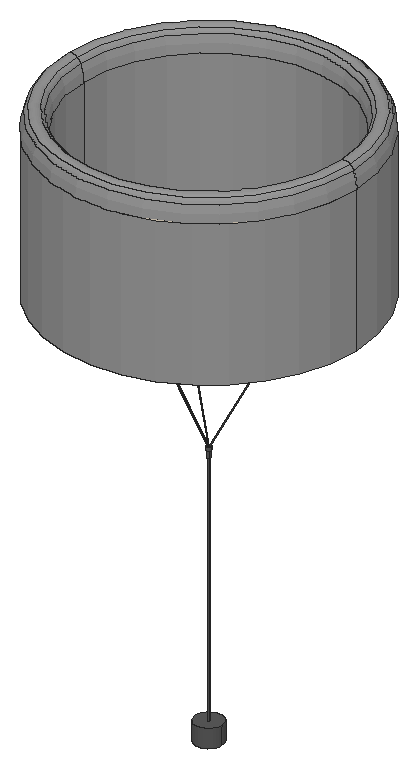
Revit family "Haworth_BuzziJet_Pendant_Lighting_AP_PRELIMINARY", category Lighting Fixtures, host Face, Revit 2018
Family settings
  Host = Face
  Round Connector Dimension = Use Diameter
  Part Type = Normal
  Cut with Voids When Loaded = No
  Light Source = No
  Shared = No
  Room Calculation Point = No
Parameters (values of type "Medium Pendant - Split Cable")
  Warranty = "http://www.haworth.com/resources/product-info/warranties"
  Upholstery Finish [instance] = Haworth _ Fabric _ Undecided _ Screen
  URL - Product = "https://www.haworth.com/ap/en/products/lighting-lamps/buzzijet.html"
  URL = "https://www.haworth.com/ap/en.html"
  Trim Finish = Haworth _ Paint _ Collection Black
  Straight Cable = not(Split Cable)  # no
  Split Cable Length = 400 mm  # constant formula
  Split Cable = yes
  Small = not(Medium)  # no
  Revision = "1"  # constant formula
  Note = "Verify Final Dim. w/ Haworth"  # constant formula
  Model = "Buzzi Jet"  # constant formula
  Min. Cable Length = 508 mm  # constant formula
  Medium = yes
  Max. Cable Length = 5000 mm  # constant formula
  Manufacturer = "Haworth"  # constant formula
  Glass Finish = Haworth _ Glass _ Frosted
  Description = "Haworth - BuzziJet - Pendant - Lighting"  # constant formula
  Default Elevation = 0 mm
  Cable Length [instance] = 1041 mm
  Cable Finish [instance] = Haworth _ Paint _ Collection Black
  Author = "Haworth (Alias, Abd Rahman)"  # constant formula
  Assembly Code = "E2020200"
  Actual Width = 800 mm  # constant formula
  Actual Height = if(Small, 225 mm, 450 mm)  # 450 mm
  Actual Depth = 800 mm  # constant formula
  Actual Cable Length [instance] = if(Cable Length > Max. Cable Length, Max. Cable Length, if(Cable Length < Min. Cable Length, Min. Cable Length, Cable Length))  # 1041 mm
Types (5, lengths in mm): name | Straight Cable | Split Cable | Small | Medium | Cable Length | Actual Height | Actual Cable Length
  (no name) | no | yes | no | yes | 1041 | 450 | 1041
  Medium Pendant - Split Cable | no | yes | no | yes | 1041 | 450 | 1041
  Medium Pendant - Straight Cable | yes | no | no | yes | 1041.4 | 450 | 1041.4
  Small Pendant - Split Cable | no | yes | yes | no | 1041.4 | 225 | 1041.4
  Small Pendant - Straight Cable | yes | no | yes | no | 1041.4 | 225 | 1041.4
Reference planes
  plane 1 "Center (Front/Back)": y = 0
  plane 2: z = 0
  plane 3 "Center (Left/Right)": x = 0
  plane 4 "Left": x = -400
  plane 5 "Right": x = 400
  plane 6 "Back": y = 400
  plane 7 "Front": y = -400
  plane 8 "Support Bottom": z = 48
  plane 9 "Shade Bottom": z = 1089
  plane 10: z = 1087.01
  plane 11: z = 686.96
Forms (mm)
  Extrusion 1, solid, material "Haworth _ Paint _ Collection Black" <- "Trim Finish"
    sketch origin (0, 0, 0) x (1, 0, 0) y (0, 1, 0)
      loop
        circle (0, 0) r 35.293
    from 0 to 48
  Extrusion 2, solid, material "Haworth _ Paint _ Collection Black" <- "Cable Finish", visible <- "Straight Cable"
    sketch origin (0, 0, 0) x (1, 0, 0) y (0, 1, 0)
      loop
        circle (0, 0) r 2.013
    from 48 to 1089
  Extrusion 3, solid, material "Haworth _ Paint _ Collection Black" <- "Cable Finish", visible <- "Split Cable", detail levels medium+fine
    sketch origin (0, 0, 0) x (1, 0, 0) y (0, 1, 0)
      loop
        circle (0, 0) r 2.013
    from 48 to 686.96
Dimensions and locks
  "Actual Depth": plane 6 "Back" to plane 7 "Front"
  equal spacing: plane 6 "Back", plane 1 "Center (Front/Back)", plane 7 "Front"
  equal spacing: plane 4 "Left", plane 3 "Center (Left/Right)", plane 5 "Right"
  "Actual Width": plane 4 "Left" to plane 5 "Right"
  "Actual Cable Length": plane 9 "Shade Bottom" to plane 8 "Support Bottom"
  locked: plane 9 "Shade Bottom" to plane 10 at 1.99
  locked: plane 8 "Support Bottom" to plane 2 at 48
  locked: plane 10 to plane 11 at 400.05
  radius of Extrusion 2 sketch curve = 2.013 mm
  radius of Extrusion 1 sketch curve = 35.293 mm
  radius of Extrusion 3 sketch curve = 2.013 mm
  aligned and locked: plane 2 to host face
  aligned and locked: level to host face
  aligned and locked: plane 1 "Center (Front/Back)" to Extrusion 1 sketch curve
  aligned and locked: plane 3 "Center (Left/Right)" to Extrusion 1 sketch curve
  aligned and locked: Extrusion 1 to plane 2
  aligned and locked: plane 8 "Support Bottom" to Extrusion 1
  aligned and locked: plane 1 "Center (Front/Back)" to Extrusion 2 sketch curve
  aligned and locked: plane 3 "Center (Left/Right)" to Extrusion 2 sketch curve
  aligned and locked: Extrusion 2 to plane 8 "Support Bottom"
  aligned and locked: plane 9 "Shade Bottom" to Extrusion 2
  aligned and locked: plane 3 "Center (Left/Right)" to nested 2
  aligned and locked: plane 1 "Center (Front/Back)" to nested 2
  aligned and locked: nested 2 to plane 10
  aligned and locked: plane 1 "Center (Front/Back)" to nested 1
  aligned and locked: plane 3 "Center (Left/Right)" to nested 1
  aligned and locked: nested 1 to plane 11
  aligned and locked: plane 1 "Center (Front/Back)" to Extrusion 3 sketch curve
  aligned and locked: plane 3 "Center (Left/Right)" to Extrusion 3 sketch curve
  aligned and locked: Extrusion 3 to plane 8 "Support Bottom"
  aligned and locked: Extrusion 3 to plane 11
Automatic sketch dimensions
  host sketch curve to host sketch curve = 2438.4 mm  (x2)
Nested families
  nested 1: "Haworth_BuzziJet_SplitCable_PART" at (0, 0, 686.96), visible <- "Split Cable", type "Cable"
  nested 2: "Haworth_BuzziJet_Pendant_Part" at (0, 0, 1087.01), type "Pendant"
    with Small no, Actual Height 450.088 mm
Definition of nested family "Haworth_BuzziJet_SplitCable_PART"
  Parameters (values of type "Cable")
    Warranty = "http://www.haworth.com/resources/product-info/warranties"
    URL - Product = "https://www.haworth.com/products/lighting/acoustic/buzzijet"
    URL = "http://www.haworth.com/our-brands/haworth-collection"
    Trim Finish = none
    Size = "Verify Final Dim. w/ Haworth"  # constant formula
    Revision Number = "1"  # constant formula
    Model = "HCBZ-JTP"  # constant formula
    Manufacturer = "Haworth"  # constant formula
    Description = "Haworth BuzziJet - Split Cable Part"
    Cable Length = 400.05 mm  # constant formula
    Cable Finish = none
    Author = "Haworth(Alias)"  # constant formula
  Reference planes
    plane 1 "Light Source Axis (F/B)": y = 0
    plane 2 "Bottom": z = 0
    plane 3 "Light Source Axis (L/R)": x = 0
    plane 4 "Light Source Elevation": z = 1500
    plane 5: z = 400.05
  Forms (mm)
    Revolve 1, solid, material <- "Trim Finish"
      sketch origin (0, 0, 0) x (1, 0, 0) y (0, 0, 1)
        loop
          line (0, 0) -> (4, 0) -> (4, 19.05) -> (6.385, 19.05) -> (6.385, 25.591) -> (0, 25.591) -> (0, 0)
        axis (0, 25.591) -> (0, 0)
      angle from 0 to 360
    Sweep 2, solid, material <- "Cable Finish"
      path origin (0, 0, 0) x (0, -1, 0) y (0, 0, 1)
        loop
          line (199.311, 400.05) -> (1.158, 24.974)
      profile origin (0, -100.234, 212.512) x (0, -0.884195, -0.467119) y (-1, 0, 0)
        loop
          circle (-0.53, 0) r 0.788
    Sweep 3, solid, material <- "Cable Finish"
      path origin (0.006, 0.01, 0) x (0.866025, 0.5, 0) y (0, 0, 1)
        loop
          line (199.311, 400.05) -> (1.158, 24.974)
      profile origin (86.812, 50.128, 212.512) x (0.765735, 0.442097, -0.467119) y (0.5, -0.866025, 0)
        loop
          circle (-0.53, 0) r 0.788
    Sweep 4, solid, material <- "Cable Finish"
      path origin (-0.006, 0.01, 0) x (-0.866025, 0.5, 0) y (0, 0, 1)
        loop
          line (199.311, 400.05) -> (1.158, 24.974)
      profile origin (-86.812, 50.128, 212.512) x (-0.765735, 0.442097, -0.467119) y (0.5, 0.866025, 0)
        loop
          circle (-0.53, 0) r 0.788
  Lines and regions (mm)
    Masking region 1
      outline origin (0, 0, 0) x (1, 0, 0) y (0, 1, 0)
        loop
          circle (0, 0.007) r 6.385
  Dimensions and locks
    "Cable Length": plane 5 to plane 2 "Bottom"
    locked: Revolve 1 sketch curve to plane 2 "Bottom" at 19.05
    aligned and locked: level to plane 2 "Bottom"
    aligned and locked: plane 3 "Light Source Axis (L/R)" to Revolve 1 sketch curve
    aligned and locked: Revolve 1 sketch curve to plane 2 "Bottom"
  Automatic sketch dimensions
    profile plane to Sweep 2 sketch curve = 0 mm
    profile plane to Sweep 2 sketch curve = 0.53 mm
    Revolve 1 sketch curve to plane 3 "Light Source Axis (L/R)" = 0 mm
    plane 3 "Light Source Axis (L/R)" to Revolve 1 sketch curve = 4 mm
    Revolve 1 sketch curve to Revolve 1 sketch curve = 2.385 mm
    Revolve 1 sketch curve to Revolve 1 sketch curve = 6.541 mm
    Revolve 1 sketch curve to level = 104.504 mm
    Revolve 1 sketch curve to Revolve 1 sketch curve = 174.705 mm
    Sweep 2 sketch curve to plane 5 = 0 mm
    level to Sweep 2 sketch curve = 24.974 mm
    Sweep 2 sketch curve to Sweep 2 sketch curve = 198.152 mm
    Sweep 3 sketch curve to plane 5 = 0 mm
    level to Sweep 3 sketch curve = 24.974 mm
    Sweep 3 sketch curve to Sweep 3 sketch curve = 198.152 mm
    Sweep 3 sketch curve to profile plane = 0 mm
    profile plane to Sweep 3 sketch curve = 0.53 mm
    plane 5 to Sweep 4 sketch curve = 0 mm
    level to Sweep 4 sketch curve = 24.974 mm
    Sweep 4 sketch curve to Sweep 4 sketch curve = 198.152 mm
    profile plane to Sweep 4 sketch curve = 0 mm
    profile plane to Sweep 4 sketch curve = 0.53 mm
    Masking region 1 sketch curve to plane 3 "Light Source Axis (L/R)" = 0 mm
    Masking region 1 sketch curve to plane 1 "Light Source Axis (F/B)" = 0.007 mm
    radius of Sweep 2 sketch curve = 0.788 mm
    radius of Sweep 3 sketch curve = 0.788 mm
    radius of Sweep 4 sketch curve = 0.788 mm
    radius of Masking region 1 sketch curve = 6.385 mm
Definition of nested family "Haworth_BuzziJet_Pendant_Part"
  Parameters (values of type "Pendant")
    Wattage = 29 W
    Warranty = "http://www.haworth.com/resources/product-info/warranties"
    built-in parameter 1150110 = 1 (stored number, unit not read)
    Upholstery Finish = none
    URL - Product = "https://www.haworth.com/products/lighting/acoustic/buzzijet"
    URL = "http://www.haworth.com/our-brands/haworth-collection"
    Trim Finish = none
    built-in parameter 1114217 = 1 (stored number, unit not read)
    Tilt Angle = 90.00°
    built-in parameter 1150109 = 1 (stored number, unit not read)
    built-in parameter 1150134 = (empty or 0)
    built-in parameter 1150113 = 1 (stored number, unit not read)
    Small = yes
    Size = "Verify Final Dim. w/ Haworth"  # constant formula
    Revision Number = "1"  # constant formula
    Photometric Web File = "generic"
    built-in parameter 1150142 = (empty or 0)
    Model = "HCBZ-JTP"  # constant formula
    Medium = yes
    Manufacturer = "Haworth"  # constant formula
    built-in parameter 1150105 = 203.08 (stored number, unit not read)
    Lumens = 2552 lm
    built-in parameter 1150115 = 1 (stored number, unit not read)
    built-in parameter 1150137 = (empty or 0)
    built-in parameter 1150139 = (empty or 0)
    built-in parameter 1150112 = 1 (stored number, unit not read)
    built-in parameter 1150114 = 1 (stored number, unit not read)
    built-in parameter 1150132 = (empty or 0)
    built-in parameter 1150102 = (empty or 0)
    built-in parameter 1150107 = 3000 (stored number, unit not read)
    built-in parameter 1150138 = (empty or 0)
    built-in parameter 1150106 = 2.0308 (stored number, unit not read)
    Glass Finish = none
    Emit from Circle Diameter = 609.6 mm
    Emit Shape Visible in Rendering = no
    built-in parameter 1150104 = 8.1755 (stored number, unit not read)
    Dimming Lamp Color Temperature Shift = (empty or 0)
    Description = "Haworth BuzziJet Pendant - Part"
    Color Filter = 16777215
    built-in parameter 1114218 = 1 (stored number, unit not read)
    Author = "Haworth(Alias)"  # constant formula
    built-in parameter 1150133 = 10 (stored number, unit not read)
    Actual Width = 800.1 mm  # constant formula
    Actual Height = if(Small, 225.044 mm, 450.088 mm)  # 225.044 mm
    Actual Depth = 800.1 mm  # constant formula
  Reference planes
    plane 1 "Light Source Axis (F/B)": y = 0
    plane 2 "Bottom": z = 0
    plane 3 "Light Source Axis (L/R)": x = 0
    plane 4 "Light Source Elevation": z = 139.7
    plane 5: y = 400.05
    plane 6: y = -400.05
    plane 7: x = 400.05
    plane 8: x = -400.05
    plane 9 "Top": z = 225.044
  Forms (mm)
    Extrusion 1, solid, material <- "Trim Finish"
      sketch origin (0, 0, 0) x (1, 0, 0) y (0, 1, 0)
        loop
          line (-269.727, 196.142) -> (-188.979, 149.522)
          arc (-188.979, 149.522) -> (-182.165, 148.31) -> (-176.156, 151.743) r 10.16
          arc (-176.156, 151.743) -> (0, 233.236) -> (176.156, 151.743) r 231.137
          arc (176.156, 151.743) -> (182.165, 148.31) -> (188.979, 149.522) r 10.16
          line (188.979, 149.522) -> (269.727, 196.142)
          arc (269.727, 196.142) -> (274.616, 202.98) -> (272.68, 211.161) r 10.16
          arc (272.68, 211.161) -> (0, 344.882) -> (-272.68, 211.161) r 344.882
          arc (-272.68, 211.161) -> (-274.616, 202.98) -> (-269.727, 196.142) r 10.16
        loop
          line (-223.979, 88.9) -> (-304.727, 135.52)
          arc (-304.727, 135.52) -> (-313.094, 136.334) -> (-319.211, 130.567) r 10.16
          arc (-319.211, 130.567) -> (-298.676, -172.441) -> (-46.531, -341.728) r 344.882
          arc (-46.531, -341.728) -> (-38.478, -339.315) -> (-35, -331.661) r 10.16
          line (-35, -331.661) -> (-35, -238.422)
          arc (-35, -238.422) -> (-37.357, -231.915) -> (-43.335, -228.427) r 10.16
          arc (-43.335, -228.427) -> (-201.988, -116.618) -> (-219.491, 76.684) r 231.137
          arc (-219.491, 76.684) -> (-219.523, 83.605) -> (-223.979, 88.9) r 10.16
        loop
          arc (43.335, -228.427) -> (37.357, -231.915) -> (35, -238.422) r 10.16
          line (35, -238.422) -> (35, -331.661)
          arc (35, -331.661) -> (38.478, -339.315) -> (46.531, -341.728) r 10.16
          arc (46.531, -341.728) -> (298.676, -172.441) -> (319.211, 130.567) r 344.882
          arc (319.211, 130.567) -> (313.094, 136.334) -> (304.727, 135.52) r 10.16
          line (304.727, 135.52) -> (223.979, 88.9)
          arc (223.979, 88.9) -> (219.523, 83.605) -> (219.491, 76.684) r 10.16
          arc (219.491, 76.684) -> (201.988, -116.618) -> (43.335, -228.427) r 231.137
        loop
          circle (0, 0) r 390
      from 2.119 to 4.943
    Revolve 2, solid, material <- "Trim Finish"
      sketch origin (0, 0, 0) x (1, 0, 0) y (0, 0, 1)
        loop
          line (223, 4.943) -> (223, 80.983) -> (234.176, 80.983) -> (235, 81.283) -> (235, 82.683) -> (234.176, 82.983) -> (0, 82.983) -> (0, 4.943) -> (223, 4.943)
        axis (0, 82.983) -> (0, 4.943)
      angle from 0 to 360
    Revolve 3, solid, material <- "Glass Finish"
      sketch origin (0, 0, 0) x (1, 0, 0) y (0, 0, 1)
        loop
          arc (219.968, 82.983) -> (223.319, 85.901) -> (220.889, 89.622) r 3.383
          arc (220.889, 89.622) -> (169.125, 101.47) -> (116.425, 108.006) r 522.732
          arc (116.425, 108.006) -> (58.251, 111.176) -> (0, 112.233) r 1605.67
          line (0, 112.233) -> (0, 82.983) -> (219.968, 82.983)
        axis (0, 112.233) -> (0, 82.983)
      angle from 0 to 360
    Revolve 4, solid, material <- "Upholstery Finish"
      sketch origin (0, 0, 0) x (1, 0, 0) y (0, 0, 1)
        loop
          line (400.05, 0) -> (400.05, 165.785)
          arc (400.05, 165.785) -> (397.96, 187.494) -> (391.765, 208.405) r 113.773
          arc (391.765, 208.405) -> (388.196, 214.846) -> (383.174, 220.231) r 30.211
          arc (383.174, 220.231) -> (369.95, 225.044) -> (356.726, 220.231) r 20.573
          arc (356.726, 220.231) -> (351.704, 214.846) -> (348.134, 208.405) r 30.211
          arc (348.134, 208.405) -> (341.94, 187.494) -> (339.85, 165.785) r 113.773
          line (339.85, 165.785) -> (339.85, 0) -> (400.05, 0)
        axis (0, 220.231) -> (0, 0)
      angle from 0 to 360
  Lines and regions (mm)
    Masking region 1
      outline origin (0, 0, 0) x (1, 0, 0) y (0, 1, 0)
        loop
          circle (0, 0) r 400.05
    Masking region 2, detail levels medium+fine
      outline origin (0, 0, 0) x (1, 0, 0) y (0, 1, 0)
        loop
          line (-269.727, 196.142) -> (-188.979, 149.522)
          arc (-188.979, 149.522) -> (-182.165, 148.31) -> (-176.156, 151.743) r 10.16
          arc (-176.156, 151.743) -> (0, 233.236) -> (176.156, 151.743) r 231.137
          arc (176.156, 151.743) -> (182.165, 148.31) -> (188.979, 149.522) r 10.16
          line (188.979, 149.522) -> (269.727, 196.142)
          arc (269.727, 196.142) -> (274.616, 202.98) -> (272.68, 211.161) r 10.16
          arc (272.68, 211.161) -> (0, 344.882) -> (-272.68, 211.161) r 344.882
          arc (-272.68, 211.161) -> (-274.616, 202.98) -> (-269.727, 196.142) r 10.16
        loop
          line (-223.979, 88.9) -> (-304.727, 135.52)
          arc (-304.727, 135.52) -> (-313.094, 136.334) -> (-319.211, 130.567) r 10.16
          arc (-319.211, 130.567) -> (-298.676, -172.441) -> (-46.531, -341.728) r 344.882
          arc (-46.531, -341.728) -> (-38.478, -339.315) -> (-35, -331.661) r 10.16
          line (-35, -331.661) -> (-35, -238.422)
          arc (-35, -238.422) -> (-37.357, -231.915) -> (-43.335, -228.427) r 10.16
          arc (-43.335, -228.427) -> (-201.988, -116.618) -> (-219.491, 76.684) r 231.137
          arc (-219.491, 76.684) -> (-219.523, 83.605) -> (-223.979, 88.9) r 10.16
        loop
          arc (43.335, -228.427) -> (37.357, -231.915) -> (35, -238.422) r 10.16
          line (35, -238.422) -> (35, -331.661)
          arc (35, -331.661) -> (38.478, -339.315) -> (46.531, -341.728) r 10.16
          arc (46.531, -341.728) -> (298.676, -172.441) -> (319.211, 130.567) r 344.882
          arc (319.211, 130.567) -> (313.094, 136.334) -> (304.727, 135.52) r 10.16
          line (304.727, 135.52) -> (223.979, 88.9)
          arc (223.979, 88.9) -> (219.523, 83.605) -> (219.491, 76.684) r 10.16
          arc (219.491, 76.684) -> (201.988, -116.618) -> (43.335, -228.427) r 231.137
        loop
          circle (0, 0) r 390
  Dimensions and locks
    "Actual Depth": plane 5 to plane 6
    "Actual Width": plane 8 to plane 7
    equal spacing: plane 6, plane 1 "Light Source Axis (F/B)", plane 5
    equal spacing: plane 8, plane 3 "Light Source Axis (L/R)", plane 7
    "Actual Height": plane 9 "Top" to plane 2 "Bottom"
    locked: plane 4 "Light Source Elevation" to plane 2 "Bottom" at 139.7
    aligned and locked: level to plane 2 "Bottom"
    aligned and locked: imposter light to plane 1 "Light Source Axis (F/B)"
    aligned and locked: imposter light to plane 4 "Light Source Elevation"
    aligned and locked: Revolve 4 sketch curve to plane 2 "Bottom"
    aligned and locked: plane 7 to Revolve 4 sketch curve
  Automatic sketch dimensions
    Extrusion 1 sketch curve to Extrusion 1 sketch curve = 0 mm  (x13)
    plane 1 "Light Source Axis (F/B)" to Extrusion 1 sketch curve = 0 mm
    Extrusion 1 sketch curve to plane 3 "Light Source Axis (L/R)" = 0 mm
    Extrusion 1 sketch curve to plane 3 "Light Source Axis (L/R)" = 1.818 mm
    Extrusion 1 sketch curve to plane 3 "Light Source Axis (L/R)" = 35 mm
    Extrusion 1 sketch curve to Extrusion 1 sketch curve = 10.16 mm  (x4)
    Extrusion 1 sketch curve to Extrusion 1 sketch curve = 5.08 mm  (x8)
    Extrusion 1 sketch curve to Extrusion 1 sketch curve = 35 mm  (x4)
    Extrusion 1 sketch curve to Extrusion 1 sketch curve = 80.748 mm  (x2)
    plane 3 "Light Source Axis (L/R)" to Extrusion 1 sketch curve = 0 mm
    plane 3 "Light Source Axis (L/R)" to Extrusion 1 sketch curve = 1.818 mm
    plane 3 "Light Source Axis (L/R)" to Extrusion 1 sketch curve = 35 mm
    plane 3 "Light Source Axis (L/R)" to Extrusion 1 sketch curve = 183.899 mm
    plane 1 "Light Source Axis (F/B)" to Extrusion 1 sketch curve = 1.049 mm  (x2)
    Extrusion 1 sketch curve to plane 6 = 161.628 mm
    Extrusion 1 sketch curve to plane 6 = 68.389 mm  (x2)
    Extrusion 1 sketch curve to plane 1 "Light Source Axis (F/B)" = 2.099 mm
    Extrusion 1 sketch curve to plane 1 "Light Source Axis (F/B)" = 80.101 mm  (x2)
    Extrusion 1 sketch curve to Extrusion 1 sketch curve = 8.799 mm  (x8)
    Extrusion 1 sketch curve to Extrusion 1 sketch curve = 46.62 mm  (x2)
    Extrusion 1 sketch curve to Extrusion 1 sketch curve = 60.622 mm  (x4)
    Extrusion 1 sketch curve to plane 3 "Light Source Axis (L/R)" = 183.899 mm
    Revolve 2 sketch curve to plane 3 "Light Source Axis (L/R)" = 0 mm  (x2)
    level to Revolve 2 sketch curve = 80.983 mm
    Revolve 2 sketch curve to plane 7 = 177.05 mm
    Revolve 2 sketch curve to Revolve 2 sketch curve = 11.176 mm
    Revolve 2 sketch curve to Revolve 2 sketch curve = 0 mm
    level to Revolve 2 sketch curve = 81.283 mm
    Revolve 2 sketch curve to Revolve 2 sketch curve = 0.824 mm
    level to Revolve 2 sketch curve = 4.943 mm
    Revolve 2 sketch curve to Revolve 2 sketch curve = 1.4 mm
    Revolve 2 sketch curve to Revolve 2 sketch curve = 0.3 mm
    Revolve 2 sketch curve to level = 94.817 mm
    Revolve 2 sketch curve to plane 4 "Light Source Elevation" = 109.145 mm
    Revolve 3 sketch curve to plane 3 "Light Source Axis (L/R)" = 0 mm  (x2)
    plane 3 "Light Source Axis (L/R)" to Revolve 3 sketch curve = 78.522 mm
    level to Revolve 3 sketch curve = 86.366 mm
    Revolve 3 sketch curve to plane 7 = 180.082 mm
    Revolve 3 sketch curve to Revolve 3 sketch curve = 3.383 mm
    Revolve 3 sketch curve to level = 413.35 mm
    Revolve 3 sketch curve to Revolve 3 sketch curve = 1080.087 mm
    Revolve 3 sketch curve to Revolve 3 sketch curve = 103.543 mm
    Revolve 3 sketch curve to Revolve 3 sketch curve = 0 mm
    Revolve 3 sketch curve to level = 101.167 mm
    Revolve 3 sketch curve to plane 4 "Light Source Elevation" = 83.745 mm
    Revolve 4 sketch curve to plane 3 "Light Source Axis (L/R)" = 0 mm
    Revolve 4 sketch curve to plane 9 "Top" = 59.259 mm
    Revolve 4 sketch curve to Revolve 4 sketch curve = 113.773 mm
    Revolve 4 sketch curve to plane 7 = 60.2 mm
    Revolve 4 sketch curve to plane 7 = 36.295 mm
    Revolve 4 sketch curve to Revolve 4 sketch curve = 6.195 mm  (x2)
    plane 7 to Revolve 4 sketch curve = 53.573 mm
    Revolve 4 sketch curve to Revolve 4 sketch curve = 0 mm  (x5)
    Revolve 4 sketch curve to plane 9 "Top" = 27.956 mm
    Revolve 4 sketch curve to Revolve 4 sketch curve = 7.383 mm
    Revolve 4 sketch curve to level = 177.8 mm
    Revolve 4 sketch curve to plane 4 "Light Source Elevation" = 280.162 mm
    plane 1 "Light Source Axis (F/B)" to Masking region 1 sketch curve = 0 mm
    Masking region 1 sketch curve to plane 3 "Light Source Axis (L/R)" = 0 mm
    Masking region 2 sketch curve to Masking region 2 sketch curve = 0 mm  (x19)
    plane 1 "Light Source Axis (F/B)" to Masking region 2 sketch curve = 0 mm
    Masking region 2 sketch curve to plane 3 "Light Source Axis (L/R)" = 0 mm
    Masking region 2 sketch curve to plane 3 "Light Source Axis (L/R)" = 1.818 mm
    Masking region 2 sketch curve to plane 3 "Light Source Axis (L/R)" = 35 mm
    Masking region 2 sketch curve to Masking region 2 sketch curve = 10.16 mm  (x4)
    Masking region 2 sketch curve to plane 3 "Light Source Axis (L/R)" = 183.899 mm
    Masking region 2 sketch curve to Masking region 2 sketch curve = 5.08 mm  (x8)
    Masking region 2 sketch curve to Masking region 2 sketch curve = 35 mm  (x4)
    Masking region 2 sketch curve to Masking region 2 sketch curve = 80.748 mm  (x2)
    plane 3 "Light Source Axis (L/R)" to Masking region 2 sketch curve = 0 mm
    plane 3 "Light Source Axis (L/R)" to Masking region 2 sketch curve = 1.818 mm
    plane 3 "Light Source Axis (L/R)" to Masking region 2 sketch curve = 35 mm
    plane 3 "Light Source Axis (L/R)" to Masking region 2 sketch curve = 183.899 mm
    plane 1 "Light Source Axis (F/B)" to Masking region 2 sketch curve = 1.049 mm  (x2)
    Masking region 2 sketch curve to plane 6 = 161.628 mm
    Masking region 2 sketch curve to plane 6 = 68.389 mm  (x2)
    Masking region 2 sketch curve to plane 1 "Light Source Axis (F/B)" = 2.099 mm
    Masking region 2 sketch curve to plane 1 "Light Source Axis (F/B)" = 80.101 mm  (x2)
    Masking region 2 sketch curve to Masking region 2 sketch curve = 8.799 mm  (x8)
    Masking region 2 sketch curve to Masking region 2 sketch curve = 46.62 mm  (x2)
    Masking region 2 sketch curve to Masking region 2 sketch curve = 60.622 mm  (x4)
    radius of Extrusion 1 sketch curve = 390 mm
    radius of Masking region 1 sketch curve = 400.05 mm
    radius of Masking region 2 sketch curve = 390 mm
